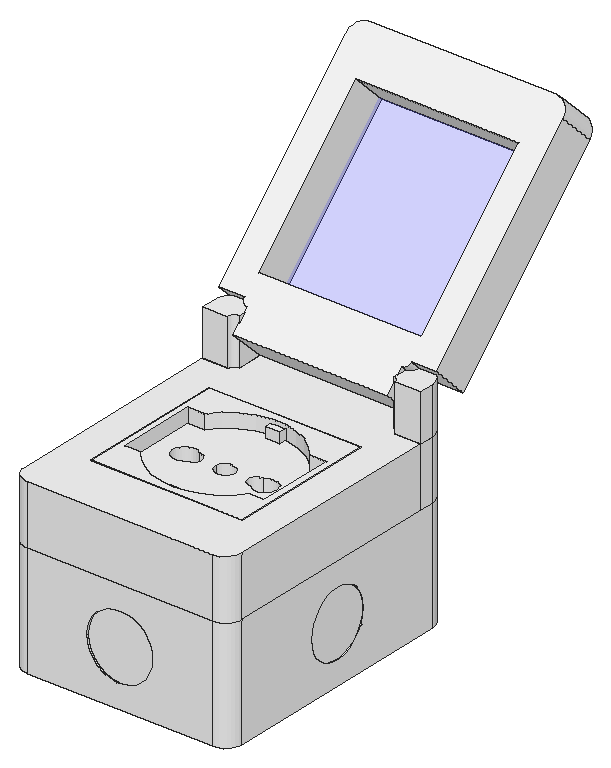
Revit family "Domotics-SerieCivili-GEWISS-27COMBI_SYSTEM-IP55_PRESA_ITA_GER", category Apparecchi elettrici, host Superficie, Revit 2016 (continued)
Definition of nested family "SYSTEM CONTENITORI IP55 COMPL PRESE ITAGER_BASE"
  Automatic sketch dimensions
    Masking region 2 sketch curve to plane 6 "1" = 5 mm  (x2)
    plane 15 to Masking region 2 sketch curve = 3.357 mm
    plane 13 to Masking region 2 sketch curve = 0.996 mm  (x2)
    plane 7 to Masking region 2 sketch curve = 6.753 mm
    Masking region 2 sketch curve to plane 12 = 0.996 mm
    Masking region 2 sketch curve to Masking region 2 sketch curve = 2 mm  (x3)
    Masking region 2 sketch curve to plane 13 = 1.004 mm
    Masking region 2 sketch curve to Masking region 2 sketch curve = 0 mm
    plane 12 to Masking region 2 sketch curve = 1.004 mm
    plane 4 to Masking region 2 sketch curve = 5 mm
    Masking region 2 sketch curve to plane 3 "Centro (Sinistra/Destra)" = 23 mm
    plane 3 "Centro (Sinistra/Destra)" to Masking region 2 sketch curve = 23 mm
    Masking region 2 sketch curve to plane 5 = 5 mm
    Masking region 3 sketch curve to Masking region 3 sketch curve = 0 mm  (x12)
    Masking region 3 sketch curve to plane 6 "1" = 0 mm  (x2)
    Masking region 3 sketch curve to plane 4 = 0 mm
    Masking region 3 sketch curve to plane 5 = 0 mm
    Masking region 3 sketch curve to plane 6 "1" = 5 mm
    Masking region 3 sketch curve to plane 5 = 5 mm
    Masking region 3 sketch curve to plane 12 = 0.414 mm
    Masking region 3 sketch curve to Masking region 3 sketch curve = 2.585 mm  (x2)
    plane 13 to Masking region 3 sketch curve = 0.414 mm
    Masking region 3 sketch curve to Masking region 3 sketch curve = 0.587 mm
    Masking region 3 sketch curve to Masking region 3 sketch curve = 1.303 mm
    Masking region 3 sketch curve to Masking region 3 sketch curve = 4.475 mm
    Masking region 3 sketch curve to plane 14 = 3.357 mm
    Masking region 3 sketch curve to Masking region 3 sketch curve = 2 mm
    radius of Extrusion 12 sketch curve = 16 mm
    radius of Extrusion 13 sketch curve = 13 mm
    radius of Extrusion 14 sketch curve = 10 mm
    radius of Extrusion 15 sketch curve = 3 mm
    radius of Extrusion 17 sketch curve = 10 mm
    radius of Extrusion 18 sketch curve = 10 mm
    radius of Extrusion 19 sketch curve = 11.5 mm
    radius of Extrusion 20 sketch curve = 10 mm
    radius of curve 103 = 2.942 mm
    radius of Masking region 1 sketch curve = 2 mm  (x2)
    radius of Masking region 2 sketch curve = 2 mm  (x2)
    radius of Masking region 3 sketch curve = 2 mm
Definition of nested family "SYSTEM PRESE ITAGER P17-30 16A_BASE"
  Parameters (values of type "GW20246 - PRESA 2P+T 16A BIV.ST.ITALIANO/TED.SY/WT")
    Struttura = none
    Pulsante = none
    Profondità supporto = 28.04 mm
    Profondità presa = 36.7 mm
    Larghezza presa = 46 mm
    Distanza simbolo = 30 mm
    Bidimensionale = 44.7 mm
    Altezza simbolo = 30 mm
    Altezza presa = 45 mm
  Types (4): name
    GW20246 - PRESA 2P+T 16A BIV.ST.ITALIANO/TED.SY/WT
    GW20296 - PRESA 2P+T 16A BIV.ST.ITALIANO/TED.RED
    GW20282 - PRESA 2P+T 16A BIV.ST.ITALIANO/TED.GREEN
    GW20287 - PRESA 2P+T 16A BIV.ST.ITALIANO/TED.ORANGE
  Reference planes
    plane 1 "Centro (Fronte/Retro)": y = 0
    plane 2: z = 0
    plane 3 "Centro (Sinistra/Destra)": x = 0
    plane 4: x = -23
    plane 5: x = 23
    plane 6: y = 22.5
    plane 7: y = -22.5
    plane 8 "PIANO BIDIMENSIONALE": z = 44.7
    plane 9: z = 28.04
    plane 10: z = 36.7
    plane 11: z = 32.37
  Forms (mm)
    Extrusion 1, solid, material <- "Struttura", detail levels medium+fine
      sketch origin (0, 0, 0) x (0, 1, 0) y (0, 0, 1)
        loop
          line (22.5, 0.5) -> (22.5, 28.04) -> (-22.5, 28.04) -> (-22.5, 0.5)
          arc (-22.5, 0.5) -> (-22.354, 0.146) -> (-22, 0) r 0.5
          line (-22, 0) -> (22, 0)
          arc (22, 0) -> (22.354, 0.146) -> (22.5, 0.5) r 0.5
      from -23 to 23
    Extrusion 2, solid, material <- "Pulsante", detail levels medium+fine
      sketch origin (0, 0, 0) x (0, 1, 0) y (0, 0, 1)
        loop
          line (-22.5, 28.04) -> (22.5, 28.04) -> (22.5, 32.37) -> (-22.5, 32.37) -> (-22.5, 28.04)
      from -23 to 23
    Extrusion 3, void, detail levels medium+fine
      sketch origin (0, 0, 44.7) x (-1, 0, 0) y (0, -1, 0)
        loop
          arc (9.662, 2.712) -> (7.04, 0.143) -> (9.805, -2.27) r 2.5
          arc (9.805, -2.27) -> (15.774, 0.395) -> (9.662, 2.712) r 3.536
        loop
          circle (-0.006, 0.137) r 2.942
        loop
          arc (-9.805, -2.27) -> (-7.04, 0.143) -> (-9.662, 2.712) r 2.5
          arc (-9.662, 2.712) -> (-15.774, 0.395) -> (-9.805, -2.27) r 3.536
      from -16.66 to -12.33
    Extrusion 4, solid, material <- "Pulsante", detail levels medium+fine
      sketch origin (0, 0, 44.7) x (-1, 0, 0) y (0, -1, 0)
        loop
          line (23, -22.5) -> (23, 22.5) -> (-23, 22.5) -> (-23, -22.5) -> (23, -22.5)
        loop
          arc (16.493, 11.913) -> (0, 20.345) -> (-16.493, 11.913) r 20.345
          line (-16.493, 11.913) -> (-20.961, 11.913) -> (-20.961, -11.913) -> (-16.013, -11.913)
          arc (-16.013, -11.913) -> (0, -19.959) -> (16.013, -11.913) r 19.959
          line (16.013, -11.913) -> (20.961, -11.913) -> (20.961, 11.913) -> (16.493, 11.913)
      from -12.33 to -8
    Extrusion 5, solid, material <- "Pulsante", detail levels medium+fine
      sketch origin (0, 0, 44.7) x (-1, 0, 0) y (0, -1, 0)
        loop
          line (-2.211, -17.826) -> (-2.211, -19.836)
          arc (-2.211, -19.836) -> (0, -19.959) -> (2.211, -19.836) r 19.959
          line (2.211, -19.836) -> (2.211, -17.826) -> (-2.211, -17.826)
        loop
          arc (2.211, 20.225) -> (0, 20.345) -> (-2.211, 20.225) r 20.345
          line (-2.211, 20.225) -> (-2.211, 18.215) -> (2.211, 18.215) -> (2.211, 20.225)
      from -12.33 to -9.263
  Cuts and joins
    Extrusion 3 cuts Extrusion 2
    joined: Extrusion 2, Extrusion 4, Extrusion 5
  Lines and regions (mm)
    model lines, not visible, detail levels coarse
      curve 1: line (-23, 22.5, -20.04) -> (23, 22.5, -20.04)
      curve 2: line (-23, -22.5, -20.04) -> (-23, 22.5, -20.04)
      curve 3: line (23, -22.5, -20.04) -> (-23, -22.5, -20.04)
      curve 4: line (23, 22.5, -20.04) -> (23, -22.5, -20.04)
      curve 5: line (20.961, -11.913, -20.04) -> (20.961, 11.913, -20.04)
      curve 6: line (20.961, 11.913, -20.04) -> (16.013, 11.913, -20.04)
      curve 7: arc (16.013, 11.913, -20.04) -> (0, 19.959, -20.04) -> (-16.013, 11.913, -20.04) r 19.959
      curve 8: line (-20.961, 11.913, -20.04) -> (-16.013, 11.913, -20.04)
      curve 9: line (-20.961, -11.913, -20.04) -> (-20.961, 11.913, -20.04)
      curve 10: line (-16.493, -11.913, -20.04) -> (-20.961, -11.913, -20.04)
      curve 11: arc (-16.493, -11.913, -20.04) -> (0, -20.345, -20.04) -> (16.493, -11.913, -20.04) r 20.345
      curve 12: line (16.493, -11.913, -20.04) -> (20.961, -11.913, -20.04)
      curve 13: line (2.211, -20.225, -20.04) -> (2.211, -18.215, -20.04)
      curve 14: line (-2.211, -20.225, -20.04) -> (-2.211, -18.215, -20.04)
      curve 15: line (2.211, -18.215, -20.04) -> (-2.211, -18.215, -20.04)
      curve 16: line (-2.211, 19.836, -20.04) -> (-2.211, 17.826, -20.04)
      curve 17: line (2.211, 19.836, -20.04) -> (2.211, 17.826, -20.04)
      curve 18: line (2.211, 17.826, -20.04) -> (-2.211, 17.826, -20.04)
      curve 19: circle (0.006, -0.137, -20.04) r 2.942 normal (0, 0, 1)
      curve 20: arc (-9.662, -2.712, -20.04) -> (-7.04, -0.143, -20.04) -> (-9.805, 2.27, -20.04) r 2.5
      curve 21: arc (-9.805, 2.27, -20.04) -> (-15.774, -0.395, -20.04) -> (-9.662, -2.712, -20.04) r 3.536
      curve 22: arc (9.805, 2.27, -20.04) -> (7.04, -0.143, -20.04) -> (9.662, -2.712, -20.04) r 2.5
      curve 23: arc (9.662, -2.712, -20.04) -> (15.774, -0.395, -20.04) -> (9.805, 2.27, -20.04) r 3.536
  Dimensions and locks
    equal spacing: plane 4, plane 3 "Centro (Sinistra/Destra)", plane 5
    "Larghezza presa": plane 4 to plane 5
    equal spacing: plane 6, plane 1 "Centro (Fronte/Retro)", plane 7
    "Altezza presa": plane 6 to plane 7
    "Bidimensionale": plane 8 "PIANO BIDIMENSIONALE" to plane 2
    "Profondità presa": plane 10 to plane 2
    equal spacing: plane 10, plane 11, plane 9
    aligned and locked: level to plane 2
    aligned and locked: Extrusion 1 to Extrusion 2  (x2)
    aligned and locked: Extrusion 2 sketch curve to Extrusion 1
    aligned and locked: plane 9 to Extrusion 1
    aligned and locked: Extrusion 3 to Extrusion 1
    aligned and locked: Extrusion 2 to plane 4
    aligned and locked: plane 5 to Extrusion 2
    aligned and locked: Extrusion 4 sketch curve to Extrusion 1
    aligned and locked: plane 11 to Extrusion 3
    aligned and locked: Extrusion 2 to Extrusion 3
    aligned and locked: Extrusion 4 to Extrusion 2
    aligned and locked: plane 10 to Extrusion 4
    aligned and locked: Extrusion 5 to Extrusion 2
  Automatic sketch dimensions
    Extrusion 1 sketch curve to level = 0 mm
    level to Extrusion 1 sketch curve = 0.5 mm
    plane 7 to Extrusion 1 sketch curve = 0 mm
    Extrusion 1 sketch curve to Extrusion 1 sketch curve = 0.5 mm
    Extrusion 1 sketch curve to plane 8 "PIANO BIDIMENSIONALE" = 16.66 mm
    Extrusion 2 sketch curve to plane 6 = 0 mm
    Extrusion 1 sketch curve to plane 6 = 0 mm
    curve 7 to curve 11 = 0 mm  (x4)
    curve 3 to curve 5 = 2.039 mm
    curve 5 to curve 12 = 4.468 mm
    curve 5 to curve 6 = 4.947 mm
    curve 11 to curve 23 = 4.253 mm
    curve 7 to curve 18 = 13.803 mm
    curve 12 to curve 13 = 14.282 mm
    curve 22 to curve 19 = 9.533 mm
    curve 19 to curve 11 = 0.006 mm
    curve 13 to curve 14 = 4.421 mm
    curve 17 to curve 18 = 4.421 mm
    curve 7 to curve 20 = 9.539 mm
    curve 20 to curve 21 = 2.701 mm
    curve 21 to curve 8 = 3.774 mm
    curve 21 to curve 10 = 4.253 mm
    curve 7 to curve 9 = 4.947 mm
    curve 9 to curve 2 = 2.039 mm
    curve 1 to curve 18 = 4.674 mm
    curve 1 to curve 6 = 10.587 mm
    curve 16 to curve 7 = 17.826 mm
    curve 7 to curve 19 = 0.137 mm
    curve 19 to curve 22 = 0.079 mm
    curve 7 to curve 20 = 0.215 mm
    curve 22 to curve 23 = 0.078 mm
    curve 20 to curve 21 = 0.078 mm
    curve 21 to curve 9 = 11.62 mm
    curve 13 to curve 13 = 2.01 mm
    curve 9 to curve 3 = 10.587 mm
    curve 22 to curve 22 = 0.266 mm
    curve 23 to curve 22 = 0.122 mm
    curve 20 to curve 21 = 0.122 mm
    curve 20 to curve 21 = 0.266 mm
    curve 22 to curve 22 = 2.486 mm
    plane 1 "Centro (Fronte/Retro)" to Extrusion 3 sketch curve = 0.215 mm  (x2)
    Extrusion 3 sketch curve to plane 3 "Centro (Sinistra/Destra)" = 9.539 mm
    plane 1 "Centro (Fronte/Retro)" to Extrusion 3 sketch curve = 0.293 mm  (x2)
    Extrusion 3 sketch curve to Extrusion 3 sketch curve = 2.701 mm  (x2)
    Extrusion 3 sketch curve to Extrusion 3 sketch curve = 0.122 mm  (x2)
    Extrusion 3 sketch curve to plane 1 "Centro (Fronte/Retro)" = 2.27 mm  (x2)
    plane 3 "Centro (Sinistra/Destra)" to Extrusion 3 sketch curve = 0.006 mm
    Extrusion 3 sketch curve to Extrusion 3 sketch curve = 9.533 mm
    plane 1 "Centro (Fronte/Retro)" to Extrusion 3 sketch curve = 0.137 mm
    Extrusion 2 sketch curve to plane 7 = 0 mm
    Extrusion 2 sketch curve to plane 8 "PIANO BIDIMENSIONALE" = 12.33 mm
    plane 4 to Extrusion 4 sketch curve = 2.039 mm
    plane 7 to Extrusion 4 sketch curve = 10.587 mm  (x2)
    Extrusion 4 sketch curve to Extrusion 4 sketch curve = 4.468 mm  (x2)
    Extrusion 4 sketch curve to plane 6 = 10.587 mm
    Extrusion 4 sketch curve to Extrusion 4 sketch curve = 4.947 mm
    plane 1 "Centro (Fronte/Retro)" to Extrusion 4 sketch curve = 0 mm
    Extrusion 4 sketch curve to plane 3 "Centro (Sinistra/Destra)" = 0 mm
    Extrusion 4 sketch curve to plane 5 = 6.987 mm
    Extrusion 4 sketch curve to plane 5 = 2.039 mm
    Extrusion 4 sketch curve to Extrusion 4 sketch curve = 0 mm
    Extrusion 5 sketch curve to plane 3 "Centro (Sinistra/Destra)" = 2.211 mm  (x2)
    Extrusion 5 sketch curve to plane 6 = 4.674 mm
    Extrusion 5 sketch curve to Extrusion 5 sketch curve = 2.01 mm  (x4)
    plane 1 "Centro (Fronte/Retro)" to Extrusion 5 sketch curve = 0 mm
    Extrusion 5 sketch curve to plane 3 "Centro (Sinistra/Destra)" = 0 mm
    plane 7 to Extrusion 5 sketch curve = 4.285 mm
    Extrusion 5 sketch curve to Extrusion 5 sketch curve = 0 mm  (x2)
    Extrusion 4 sketch curve to plane 5 = 0 mm
    Extrusion 4 sketch curve to plane 6 = 0 mm
    Extrusion 4 sketch curve to plane 7 = 0 mm
    radius of curve 19 = 2.942 mm
    radius of Extrusion 3 sketch curve = 2.942 mm
Definition of nested family "SIMBOLO PRESE"
  Parameters (values of type "PRESA")
    TESTO ELETTRICO [instance] = "TXT"
    Simbolo = SIMBOLO PRESE_BASE : PRESA
    SIMBOLO [instance] = yes
    Distanza dal muro [instance] = 4.208 mm
    BORDO ACCESO [instance] = yes
  Reference planes
    plane 1: y = 0
    plane 2: x = 0
  Dimensions and locks
    "Distanza dal muro": plane 1 to nested 1
  Nested families
    nested 1: "SIMBOLO PRESE_BASE" at (0, 4.208, 0), type <- "Simbolo", TESTO ELETTRICO <- "TESTO ELETTRICO", BORDO ACCESO <- "BORDO ACCESO", visible <- "SIMBOLO", type "PRESA"
      with TESTO ELETTRICO "TXT", BORDO ACCESO yes
  Definition of nested family "SIMBOLO PRESE_BASE"
    Parameters (values of type "PRESA")
      TESTO ELETTRICO [instance] = "TXT"
      Distanza dal muro = 4.208 mm
      BORDO ACCESO [instance] = yes
    Reference planes
      plane 1: y = 0
      plane 2: x = 0
    Lines and regions (mm)
      detail lines, visible <- "BORDO ACCESO"
        curve 1: line (-1, 2.5, 0) -> (1, 2.5, 0)
        curve 2: line (1, 2.5, 0) -> (1, 0, 0)
        curve 3: line (1, 0, 0) -> (-1, 0, 0)
        curve 4: line (-1, 0, 0) -> (-1, 2.5, 0)
        curve 5: line (-0.9, 2.4, 0) -> (0.9, 2.4, 0)
        curve 6: line (0.9, 2.4, 0) -> (0.9, 0.1, 0)
        curve 7: line (0.9, 0.1, 0) -> (-0.9, 0.1, 0)
        curve 8: line (-0.9, 0.1, 0) -> (-0.9, 2.4, 0)
      detail lines, visible <- "BORDO ACCESO", not visible
        curve 9: line (-1.743, 9.208, 0) -> (2.057, 9.208, 0)
        curve 10: line (2.057, 9.208, 0) -> (2.057, 4.208, 0)
        curve 11: line (2.057, 4.208, 0) -> (-1.743, 4.208, 0)
        curve 12: line (-1.743, 4.208, 0) -> (-1.743, 9.208, 0)
        curve 13: line (-1.543, 9.008, 0) -> (1.857, 9.008, 0)
        curve 14: line (1.857, 9.008, 0) -> (1.857, 4.408, 0)
        curve 15: line (1.857, 4.408, 0) -> (-1.543, 4.408, 0)
        curve 16: line (-1.543, 4.408, 0) -> (-1.543, 9.008, 0)
      detail lines
        curve 17: line (0.783, 1.133, 0) -> (-0.783, 1.133, 0)
        curve 18: line (0, 1.133, 0) -> (0, 0.349, 0)
        curve 19: arc (-0.783, 1.916, 0) -> (0, 1.133, 0) -> (0.783, 1.916, 0) r 0.783
    Text (mm)
      label "TXT" at (0.016, 1.578, 0), shows "TESTO ELETTRICO"
    Dimensions and locks
      aligned and locked: curve 3 to plane 1
